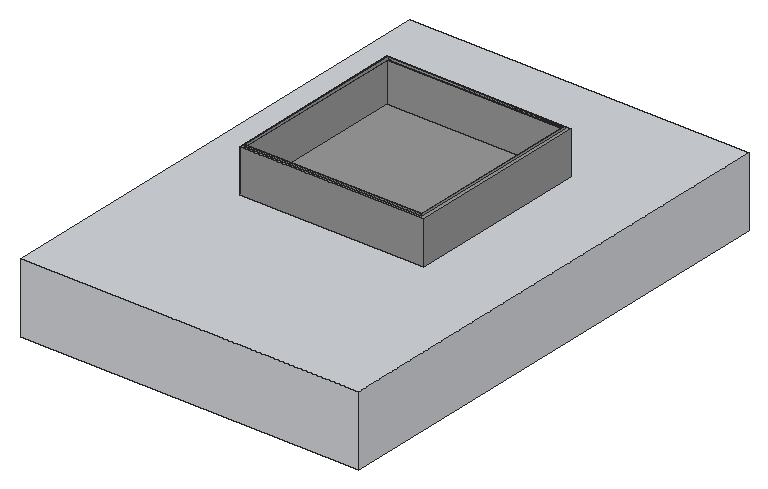
Revit family "Hager-Univers-IP30-D205-H800-Cl.II-Encl-CH-fr", category Equipement électrique, Revit 2020
Family settings
  Hôte = Face
  Configuration du panneau = Deux colonnes, circuits au sein
  Cote de connecteur circulaire = Utiliser le diamètre
  Type d'élément = Tableau de raccordement
  Couper avec des vides une fois chargée = Non
  Partagée = Non
  Point de calcul de pièce = Non
Parameters (values of type "saillie IP30 L800 H800 P205  - FP53Q1S")
  Width Control [instance] = if([EF000008 - largeur] > Min Width, [EF000008 - largeur], Min Width)  # 800 mm
  Commentaires du type = [HG000003 - Gamme]  # "Univers"
  Thickness Door [instance] = if([EF009171 - épaisseur de matériau de la porte/du couvercle] > 3 mm, 3 mm, [EF009171 - épaisseur de matériau de la porte/du couvercle])  # 1 mm
  Seal Frame Offset [instance] = 17 mm  # constant formula
  Plinth Visibility [instance] = [HG000027 - Hauteur du socle] > 0 mm  # no
  Model = ""
  Min Width [instance] = 100 mm  # constant formula
  Min Height [instance] = 100 mm  # constant formula
  Min Depth [instance] = (2 * [EF009170 - épaisseur de matériau du boîtier]) + 1 mm  # 3 mm
  Internal Frame Depth [instance] = (Door System Depth * 0.5)  # 9 mm
  Height Control [instance] = if([EF000040 - hauteur] > Min Height, [EF000040 - hauteur], Min Height)  # 800 mm
  HG000027 - Hauteur du socle = 0 mm
  HG000026 - Installation au sol = no
  HG000024 - Hauteur de la section basse = 800 mm
  HG000023 - Armoire double section = no
  HG000016 - Visibilité de la porte 3D [instance] = yes
  HG000015 - Visibilité de l'emprise de la porte [instance] = no
  HG000014 - Porte à droite [instance] = yes
  HG000013 - Porte à gauche [instance] = not([HG000014 - Porte à droite])  # no
  HG000012 - Angle de pivotement de la porte [instance] = 30.00°
  HG000010 - Portes asymétriques = no
  HG000009 - Porte à double battant = no
  HG000006 - Encastré = no
  HG000004 - Référence fabricant = "FP53Q1S"
  HG000003 - Gamme = "Univers"
  HG000002 - avec porte = no
  Frame Offset Bottom [instance] = 10 mm  # constant formula
  Frame Offset [instance] = 15 mm  # constant formula
  EF015940 - couvercle avec décharge de pression = no
  EF011959 - degré de protection (NEMA) = ""
  EF009554 - nombre d'ouvertures pour plaques à bride = 6
  Fabricant = "Hager"  # constant formula
  EF009212 - finition du couvercle = "EV009916 - avec échancrure"
  EF009171 - épaisseur de matériau de la porte/du couvercle = 1 mm
  EF009170 - épaisseur de matériau du boîtier = 1 mm
  EF008873 - courant nominal (In) = 250 A
  EF007800 - adapté à un parafoudre = no
  EF006306 - avec serrure = no
  EF006244 - couvercle/porte transparent(e) = no
  EF005474 - indice de protection (IP) = "EV006410 - IP30"
  EF004464 - type de porte = "EV000494 - sans"
  EF004427 - nombre de modules = 180
  EF004293 - indice de protection contre les chocs (IK) = "EV006813 - IK07"
  EF003532 - convient pour utilisation à l’extérieur = no
  EF002950 - largeur en nombre de modules = 36
  EF001613 - maintien de fonction = "EV000494 - sans"
  EF001596 - matériau du boîtier/corps = "EV000179 - acier"
  EF001131 - profondeur intérieure = 130 mm
  EF001088 - possibilité de montage en saillie = yes
  EF000437 - nombre d'entrées de conduit = 6
  EF000339 - type de capot = "EV000494 - sans"
  EF000266 - nombre de rangées = 5
  EF000218 - profondeur d'encastrement = 0 mm
  EF000118 - avec cadre/support de montage = no
  EF000116 - numéro RAL = "9010"
  EF000049 - profondeur = 205 mm
  EF000040 - hauteur = 800 mm
  EF000008 - largeur = 800 mm
  EF000007 - couleur = "EV000202 - blanc"
  EF000003 - mode de pose = "EV000384 - saillie"
  Door System Leaf Tolerance [instance] = 1.5 mm  # constant formula
  Door System Depth [instance] = 18 mm  # constant formula
  Door Height [instance] = Height Control - [HG000027 - Hauteur du socle]  # 800 mm
  Depth Control [instance] = if([EF000049 - profondeur] > Min Depth, [EF000049 - profondeur], Min Depth)  # 205 mm
  Default Elevation = 0 mm
  Connector Offset [instance] = Height Control / 2  # 400 mm
  Bottom Top Plate Trim [instance] = 1.5 mm  # constant formula
  Plinth height Ctrl [instance] = if([HG000027 - Hauteur du socle] > 0 mm, [HG000027 - Hauteur du socle], 12 mm)  # 12 mm
Types (5, lengths in mm): name | Width Control | HG000004 - Référence fabricant | EF009554 - nombre d'ouvertures pour plaques à bride | EF004427 - nombre de modules | EF002950 - largeur en nombre de modules | EF000437 - nombre d'entrées de conduit | EF000008 - largeur
  saillie IP30 L1050 H800 P205  - FP54Q1S | 1050 | "FP54Q1S" | 8 | 240 | 48 | 8 | 1050
  saillie IP30 L1300 H800 P205  - FP55Q1S | 1300 | "FP55Q1S" | 10 | 300 | 60 | 10 | 1300
  saillie IP30 L300 H800 P205  - FP51Q1S | 300 | "FP51Q1S" | 2 | 60 | 12 | 2 | 300
  saillie IP30 L550 H800 P205  - FP52Q1S | 550 | "FP52Q1S" | 4 | 120 | 24 | 4 | 550
  saillie IP30 L800 H800 P205  - FP53Q1S | 800 | "FP53Q1S" | 6 | 180 | 36 | 6 | 800
Reference planes
  plane 1 "Center (Front/Back)": y = 0
  plane 2: z = 0
  plane 3 "Center (Left/Right)": x = 0
  plane 4: z = 205
  plane 5: y = 1
  plane 6: y = 400
  plane 7: y = 0
  plane 8: y = 800
  plane 9: z = 0
  plane 10: x = -385
  plane 11: x = 385
  plane 12: x = 384
  plane 13: x = -384
  plane 14: y = 799
  plane 15: x = -383
  plane 16: x = -400
  plane 17: x = 383
  plane 18: x = 400
  plane 19: x = 399
  plane 20: x = -399
  plane 21: y = 11
  plane 22: y = 800
  plane 23: y = 784
  plane 24: z = 187
  plane 25: z = 1
  plane 26: z = 186
  plane 27: z = 204
Forms (mm)
  Extrusion 1, solid
    sketch origin (0, 0, 0) x (1, 0, 0) y (0, 1, 0)
      loop
        line (-702.964, 1305) -> (-702.964, -811.445) -> (766.763, -811.445) -> (766.763, 1305) -> (-702.964, 1305)
    from 0 to -304.8
  Extrusion 2, solid, material "Hager_Steel_RAL7035_Light_Grey", visible <- "Plinth Visibility", detail levels medium+fine
    sketch origin (0, 0, 0) x (1, 0, 0) y (0, 1, 0)
      loop
        line (-400, 0) -> (400, 0) -> (400, 12) -> (-400, 12) -> (-400, 0)
    from 0 to 187
  Extrusion 3, solid, material "Hager_Steel_RAL7035_Light_Grey", detail levels medium+fine
    sketch origin (0, 0, 0) x (1, 0, 0) y (0, 1, 0)
      loop
        line (-400, 0) -> (400, 0) -> (400, 800) -> (-400, 800) -> (-400, 0)
    from 0 to 187
  Extrusion 4, void
    sketch origin (0, 0, 0) x (1, 0, 0) y (0, 1, 0)
      loop
        line (-399, 1) -> (399, 1) -> (399, 799) -> (-399, 799) -> (-399, 1)
    from 1 to 186
  Extrusion 5, void
    sketch origin (-381.607, -4572, 187) x (0, -1, 0) y (-1, 0, 0)
      loop
        line (-4583, 2.393) -> (-5356, 2.393) -> (-5356, -765.607) -> (-4583, -765.607) -> (-4583, 2.393)
    from 0 to 1 <- "EF009170 - épaisseur de matériau du boîtier"
  Extrusion 6, solid, material "Hager_Steel_RAL7035_Light_Grey", detail levels fine
    sketch origin (0, 0, 187) x (1, 0, 0) y (0, 1, 0)
      loop
        line (-384, 784) -> (-384, 11) -> (384, 11) -> (384, 784) -> (-384, 784)
      loop
        line (-385, 10) -> (385, 10) -> (385, 785) -> (-385, 785) -> (-385, 10)
    from 0 to 9 <- "Internal Frame Depth"
  Extrusion 7, solid, material "Hager_Steel_RAL7035_Light_Grey", detail levels coarse
    sketch origin (0, 0, 0) x (1, 0, 0) y (0, 1, 0)
      loop
        line (-400, 0) -> (400, 0) -> (400, 800) -> (-400, 800) -> (-400, 0)
    from 0 to 205
  Sweep 8, void
    path in 3D
      loop
        line (-400, 12, 0) -> (400, 12, 0) -> (400, 12, 187) -> (-400, 12, 187) -> (-400, 12, 0)
    profile origin (-400, 12, 93.5) x (-1, 0, 0) y (0, -1, 0)
      loop
        line (0, 0) -> (0, 1.5) -> (-1.5, 1.5)
        arc (-1.5, 1.5) -> (-1.061, 0.439) -> (0, 0) r 1.5
Cuts and joins
  Extrusion 4, Extrusion 5 cuts Extrusion 3
  Sweep 8 cuts Extrusion 2
Lines and regions (mm)
  Masking region 1
    outline origin (0, 0, 0) x (1, 0, 0) y (0, 0, 1)
      loop
        line (-400, 205) -> (-400, 0) -> (400, 0) -> (400, 205) -> (-400, 205)
  Masking region 2, detail levels medium+fine
    outline origin (0, 140, 0) x (0, 1, 0) y (0, 0, 1)
      loop
        line (-140, 0) -> (660, 0) -> (660, 187) -> (-140, 187) -> (-140, 0)
  Masking region 3, not visible, detail levels medium+fine
    outline origin (0, 297.922, 0) x (0, 1, 0) y (0, 0, 1)
      loop
        line (113.578, 0) -> (153.578, 0) -> (153.578, 194)
        arc (153.578, 194) -> (150.649, 201.071) -> (143.578, 204) r 10
        line (143.578, 204) -> (113.578, 204) -> (113.578, 0)
  Masking region 4, detail levels coarse
    outline origin (0, 0, 180) x (0, 1, 0) y (0, 0, 1)
      loop
        line (0, -180) -> (800, -180) -> (800, 25) -> (0, 25) -> (0, -180)
  Masking region 5, visible <- "Plinth Visibility", detail levels medium+fine
    outline origin (0, 52.24, 12.345) x (0, 0, -1) y (0, 1, 0)
      loop
        line (10.845, -40.24) -> (-173.155, -40.24)
        arc (-173.155, -40.24) -> (-173.594, -41.301) -> (-174.655, -41.74) r 1.5
        line (-174.655, -41.74) -> (-174.655, -52.24) -> (12.345, -52.24) -> (12.345, -41.74)
        arc (12.345, -41.74) -> (11.285, -41.301) -> (10.845, -40.24) r 1.5
  Masking region 6, detail levels medium+fine
    outline origin (-381.607, -4572, 187) x (-1, 0, 0) y (0, -1, 0)
      loop
        line (18.393, -5372) -> (18.393, -4572) -> (-781.607, -4572) -> (-781.607, -5372) -> (18.393, -5372)
  Masking region 7, visible <- "Plinth Visibility", detail levels medium+fine
    outline origin (-381.607, -4727, 187) x (-1, 0, 0) y (0, -1, 0)
      loop
        arc (16.893, -4739) -> (17.332, -4737.939) -> (18.393, -4737.5) r 1.5
        line (18.393, -4737.5) -> (18.393, -4727) -> (-781.607, -4727) -> (-781.607, -4737.5)
        arc (-781.607, -4737.5) -> (-780.546, -4737.939) -> (-780.107, -4739) r 1.5
        line (-780.107, -4739) -> (16.893, -4739)
  Masking region 8, detail levels coarse
    outline origin (-442.548, -4669.526, 187) x (-1, 0, 0) y (0, -1, 0)
      loop
        line (-42.548, -5469.526) -> (-42.548, -4669.526) -> (-842.548, -4669.526) -> (-842.548, -5469.526) -> (-42.548, -5469.526)
  sketch lines
    curve 1: line (-400, 12, 187) -> (-400, 12, 0)
    curve 2: line (400, 12, 187) -> (-400, 12, 187)
    curve 3: line (400, 12, 187) -> (400, 12, 0)
    curve 4: line (-400, 12, 0) -> (400, 12, 0)
Dimensions and locks
  "Depth Control": plane 4 to Extrusion 1
  "HG000027 - Hauteur du socle": plane 1 "Center (Front/Back)" to plane 7
  "EF009170 - épaisseur de matériau du boîtier": plane 5 to plane 7
  locked: connector elem to plane 3 "Center (Left/Right)"
  equal spacing: plane 8, plane 6, plane 7
  locked: connector elem to plane 6
  "EF009170 - épaisseur de matériau du boîtier": plane 8 to plane 14
  "EF009170 - épaisseur de matériau du boîtier": plane 10 to plane 13
  "EF009170 - épaisseur de matériau du boîtier": plane 12 to plane 11
  "Frame Offset": plane 20 to plane 13
  "Frame Offset": plane 12 to plane 19
  "EF009170 - épaisseur de matériau du boîtier": plane 16 to plane 20
  "EF009170 - épaisseur de matériau du boîtier": plane 19 to plane 18
  "Seal Frame Offset": plane 16 to plane 15
  "Seal Frame Offset": plane 17 to plane 18
  "Frame Offset Bottom": plane 21 to plane 5
  "Frame Offset": plane 14 to plane 23
  equal spacing: plane 16, plane 3 "Center (Left/Right)", plane 18
  "Width Control": plane 16 to plane 18
  "EF009170 - épaisseur de matériau du boîtier": plane 4 to plane 27
  "EF009170 - épaisseur de matériau du boîtier": plane 24 to plane 26
  "EF009170 - épaisseur de matériau du boîtier": plane 25 to level
  "Door System Depth": plane 4 to plane 24
  "Height Control": plane 1 "Center (Front/Back)" to Extrusion 7 sketch curve
  "Height Control": Masking region 4 sketch curve to plane 1 "Center (Front/Back)"
  "Height Control": plane 1 "Center (Front/Back)" to plane 22
  "Bottom Top Plate Trim": profile plane to Sweep 8 sketch curve
  "Bottom Top Plate Trim": Sweep 8 sketch curve to profile plane
  "Plinth height Ctrl": plane 1 "Center (Front/Back)" to Extrusion 2 sketch curve
  "Plinth height Ctrl": Masking region 5 sketch curve to plane 1 "Center (Front/Back)"
  "Plinth height Ctrl": plane 1 "Center (Front/Back)" to Masking region 7 sketch curve
  "Thickness Door": Extrusion 6 sketch curve to Extrusion 6 sketch curve  (x3)
  "Thickness Door": cut or joined group of Extrusion 3, Extrusion 4, Extrusion 5 to Extrusion 6 sketch curve
  radius of Masking region 3 sketch curve = 10 mm
  "Bottom Top Plate Trim": radius of Masking region 5 sketch curve  (x2)
  "Bottom Top Plate Trim": radius of Sweep 8 sketch curve
  "Bottom Top Plate Trim": radius of Masking region 7 sketch curve  (x2)
  aligned and locked: plane 2 to Extrusion 1
  aligned and locked: level to Extrusion 1
  aligned and locked: level to Masking region 1 sketch curve
  aligned and locked: Masking region 1 sketch curve to plane 18
  aligned and locked: Masking region 1 sketch curve to plane 16
  aligned and locked: plane 7 to Masking region 2 sketch curve
  aligned and locked: level to Masking region 3 sketch curve
  aligned and locked: Masking region 3 sketch curve to plane 27
  aligned and locked: level to Masking region 2 sketch curve
  aligned and locked: plane 1 "Center (Front/Back)" to Extrusion 2 sketch curve
  aligned and locked: Extrusion 3 sketch curve to plane 7
  aligned and locked: plane 16 to Extrusion 3 sketch curve
  aligned and locked: plane 18 to Extrusion 3 sketch curve
  aligned and locked: plane 20 to Extrusion 4 sketch curve
  aligned and locked: plane 19 to Extrusion 4 sketch curve
  aligned and locked: Extrusion 4 sketch curve to plane 5
  aligned and locked: Extrusion 4 to plane 25
  aligned and locked: plane 26 to Extrusion 4
  aligned and locked: plane 24 to Extrusion 3
  aligned and locked: Extrusion 5 sketch curve to plane 21
  aligned and locked: Extrusion 5 sketch curve to plane 13
  aligned and locked: Extrusion 5 sketch curve to plane 12
  aligned and locked: plane 18 to Extrusion 7 sketch curve
  aligned and locked: plane 1 "Center (Front/Back)" to Extrusion 7 sketch curve
  aligned and locked: plane 16 to Extrusion 7 sketch curve
  aligned and locked: plane 4 to Extrusion 7
  aligned and locked: Extrusion 7 to level
  aligned and locked: level to Masking region 4 sketch curve
  aligned and locked: Masking region 4 sketch curve to plane 1 "Center (Front/Back)"
  aligned and locked: Masking region 4 sketch curve to plane 4
  aligned and locked: nested 1 to level
  aligned and locked: nested 1 to plane 16
  aligned and locked: plane 8 to Extrusion 3 sketch curve
  aligned and locked: plane 23 to Extrusion 5 sketch curve
  aligned and locked: plane 14 to Extrusion 4 sketch curve
  aligned and locked: Masking region 2 sketch curve to plane 8
  aligned and locked: level to Masking region 5 sketch curve
  aligned and locked: plane 16 to Extrusion 2 sketch curve
  aligned and locked: plane 18 to Extrusion 2 sketch curve
  aligned and locked: Masking region 5 sketch curve to plane 24
  aligned and locked: Masking region 2 sketch curve to plane 24
  aligned and locked: plane 24 to Extrusion 2
  aligned and locked: profile plane to Sweep 8 sketch curve  (x2)
  aligned and locked: Masking region 6 sketch curve to plane 18
  aligned and locked: Masking region 6 sketch curve to plane 22
  aligned and locked: Masking region 6 sketch curve to plane 16
  aligned and locked: plane 8 to plane 22
  aligned and locked: Masking region 6 sketch curve to plane 7
  aligned and locked: Masking region 7 sketch curve to plane 16
  aligned and locked: Masking region 7 sketch curve to plane 1 "Center (Front/Back)"
  aligned and locked: Masking region 7 sketch curve to plane 18
  aligned and locked: Masking region 8 sketch curve to plane 1 "Center (Front/Back)"
  aligned and locked: Masking region 8 sketch curve to plane 18
  aligned and locked: Masking region 8 sketch curve to plane 22
  aligned and locked: Masking region 8 sketch curve to plane 16
  aligned and locked: nested 2 to plane 7
  aligned and locked: plane 3 "Center (Left/Right)" to nested 2
  aligned and locked: nested 2 to plane 24
  aligned and locked: Extrusion 6 sketch curve to cut or joined group of Extrusion 3, Extrusion 4, Extrusion 5  (x4)
Automatic sketch dimensions
  Extrusion 1 sketch curve to Extrusion 1 sketch curve = 1469.727 mm
  Extrusion 1 sketch curve to Extrusion 1 sketch curve = 2116.445 mm
  Masking region 1 sketch curve to plane 4 = 0 mm
  plane 6 to Masking region 3 sketch curve = 11.5 mm
  Masking region 3 sketch curve to Masking region 3 sketch curve = 30 mm
  Masking region 5 sketch curve to plane 1 "Center (Front/Back)" = 0 mm
Nested families
  nested 1: "Hager_Enclosure_Symbol" at (-400, 0, 0) x (1, 0, 0) z (0, -1, 0), Height <- "Depth Control", Width <- "Width Control", type "Hager_Enclosure_Symbol"
    with Width_Ctrl 800 mm, Width 800 mm, Height_Ctrl 205 mm, Height 205 mm, A_Width_Int 13.453 mm, A_Width 161.438 mm, A_Height_Ctrl 179.375 mm, A_Height 179.375 mm
  nested 2: "EC000058_Univers_Door" at (0, 0, 187) x (1, 0, 0) z (0, 1, 0), Leaf_Tolerance <- "Door System Leaf Tolerance", Angle <- "HG000012 - Angle de pivotement de la porte", Door_Depth <- "Door System Depth", Door_Left <- "HG000013 - Porte à gauche", Transparent <- "EF006244 - couvercle/porte transparent(e)", Assymetrical <- "HG000010 - Portes asymétriques", Width <- "Width Control", Clearance <- "HG000015 - Visibilité de l'emprise de la porte", Double <- "HG000009 - Porte à double battant", 3d_Door <- "HG000016 - Visibilité de la porte 3D", Lock_Visibility <- "EF006306 - avec serrure", Width_Ctrl <- "Width Control", Door_Right <- "HG000014 - Porte à droite", Door <- "HG000002 - avec porte", Height <- "Door Height", Thickness <- "Thickness Door", type "EC000058_Univers_Door", detail levels medium+fine
    with min_wh 3 mm, Width_Ctrl 800 mm, Width 800 mm, Transparent no, Thickness 1 mm, Seal_Material Hager_Rubber, Lock_Visibility no, Lock_Material Hager_Plastic_RAL9005_Jet_Black, Leaf_Width 800 mm, Leaf_Tolerance_External_Sides 0 mm, Leaf_Tolerance 1.5 mm, Leaf_Offset 0 mm, Leaf_Height 797 mm, Leaf_2_Width 800 mm, Leaf_2_Offset 400 mm, Leaf_1_Width 800 mm, Leaf_1_Offset 400 mm, Height_Ctrl 800 mm, Height 800 mm, Glass_Material Hager_Glass, Double_Clearance_Ctrl no, Double no, Door_Right_Ctrl no, Door_Right yes, Door_Material Hager_Steel_RAL7035_Light_Grey, Door_Left_Ctrl no, Door_Left no, Door_Depth 18 mm, Door no, Clearance_Material Hager_Clearance, Clearance_Depth 800 mm, Clearance_Ctrl no, Clearance no, Assymetrical no, Angle 30.00°, 3d_Door yes
Connectors
  electrical at (0, 400, 0)
    settings: on plane 9, index 1, voltage 0 V, apparent load 0 VA, apparent load phase1 0 VA, apparent load phase2 0 VA, apparent load phase3 0 VA, power factor 1, load classification "Other", number of poles 1, system type 30, power factor state 1, is connector primary yes, connector utility no, sub classification motor no, connector description ""
Definition of nested family "Hager_Enclosure_Symbol"
  Parameters (values of type "Hager_Enclosure_Symbol")
    Width_Ctrl [instance] = if(Width > 1 mm, Width, 1 mm)  # 102.27 mm
    Width [instance] = 102.27 mm
    Height_Ctrl [instance] = if(Height > 1 mm, Height, 1 mm)  # 66.5 mm
    A_Width_Int [instance] = if(A_Width / 12 > 2 mm, A_Width / 12, 2 mm)  # 4.364 mm
    A_Width [instance] = if(A_Height_Ctrl * 0.9 > 2 mm, A_Height_Ctrl * 0.9, 2 mm)  # 52.369 mm
    A_Height_Ctrl [instance] = if(A_Height > 2 mm, A_Height, 2 mm)  # 58.188 mm
    Height [instance] = 66.5 mm
    A_Height [instance] = Height - (Height / 8)  # 58.188 mm
  Reference planes
    plane 1 "Centre (avant/arrière)": y = 0
    plane 2: z = 0
    plane 3 "Centre (gauche/droite)": x = 0
    plane 4: x = 52.369
    plane 5: y = 33.042
    plane 6: y = 41.77
    plane 7: y = 66.5
    plane 8: x = 26.184
    plane 9: y = 37.406
    plane 10: x = 102.27
    plane 11: y = 66.5
    plane 12: y = 8.313
  Lines and regions (mm)
    Filled region 1, type "Solid_Black", in view "Niveau de réf."
      outline origin (0, 0, 0) x (1, 0, 0) y (0, 1, 0)
        loop
          line (52.369, 66.5) -> (33.188, 54.536) -> (45.365, 45.006) -> (52.369, 66.5)
    Filled region 2, type "Solid_Black", in view "Niveau de réf."
      outline origin (0, 0, 0) x (1, 0, 0) y (0, 1, 0)
        loop
          line (0, 0) -> (102.27, 0) -> (102.27, 66.5) -> (0, 0)
    detail lines, in view "Niveau de réf."
      curve 1: line (0, 8.313, 0) -> (26.184, 41.77, 0)
      curve 2: line (26.184, 41.77, 0) -> (26.184, 33.042, 0)
      curve 3: line (26.184, 33.042, 0) -> (52.369, 66.5, 0)
  Dimensions and locks
    "A_Width": plane 3 "Centre (gauche/droite)" to plane 4
    equal spacing: plane 3 "Centre (gauche/droite)", plane 8, plane 4
    equal spacing: plane 6, plane 9, plane 5
    equal spacing: curve 3, Filled region 1 sketch curve, Filled region 1 sketch curve
    "Height_Ctrl": plane 1 "Centre (avant/arrière)" to plane 11
    "A_Height_Ctrl": plane 11 to plane 12
    equal spacing: plane 11, plane 9, plane 12
    "A_Width_Int": plane 6 to plane 9
    "Width_Ctrl": plane 3 "Centre (gauche/droite)" to plane 10
    angle Filled region 1 sketch curve to curve 3 = 20.00°
    angle curve 3 to Filled region 1 sketch curve = 20.00°
    locked: curve 3 to Filled region 1 sketch curve (angle 90.00°)
    aligned and locked: plane 10 to Filled region 2
    aligned and locked: plane 11 to Filled region 2 sketch curve
    aligned and locked: plane 10 to Filled region 2 sketch curve
    aligned and locked: plane 3 "Centre (gauche/droite)" to curve 1
    aligned and locked: plane 12 to curve 1
    aligned and locked: plane 7 to plane 11
  Automatic sketch dimensions
    Filled region 1 sketch curve to plane 4 = 0 mm
    Filled region 1 sketch curve to plane 7 = 0 mm
    plane 1 "Centre (avant/arrière)" to Filled region 2 sketch curve = 0 mm
    Filled region 2 sketch curve to plane 3 "Centre (gauche/droite)" = 0 mm
    curve 2 to plane 6 = 0 mm
    curve 2 to plane 8 = 0 mm
    curve 3 to plane 4 = 0 mm
    curve 2 to plane 5 = 0 mm
    curve 3 to plane 7 = 0 mm
Definition of nested family "EC000058_Univers_Door"
  Parameters (values of type "EC000058_Univers_Door")
    min_wh [instance] = (2 * Thickness) + 1 mm  # 11 mm
    Width_Ctrl [instance] = 400 mm
    Width [instance] = 500 mm
    Transparent [instance] = yes
    Thickness [instance] = 5 mm
    Seal_Material [instance] = none
    Lock_Visibility [instance] = yes
    Lock_Material [instance] = none
    Leaf_Width [instance] = if((Width_Ctrl - 2 * Leaf_Tolerance_External_Sides) > 0 mm, (Width_Ctrl - 2 * Leaf_Tolerance_External_Sides), min_wh)  # 400 mm
    Leaf_Tolerance_External_Sides [instance] = 0 mm  # constant formula
    Leaf_Tolerance [instance] = 1.5 mm
    Leaf_Offset [instance] = 0 mm  # constant formula
    Leaf_Height [instance] = if((Height_Ctrl - 2 * Leaf_Tolerance) > 0 mm, (Height_Ctrl - 2 * Leaf_Tolerance), min_wh)  # 497 mm
    Leaf_2_Width [instance] = if(and(and(Double, Assymetrical), Door_Left), (Leaf_Width / 3) - (Leaf_Tolerance / 2), if(and(and(Double, Assymetrical), Door_Right), (Leaf_Width / 3) * 2 - (Leaf_Tolerance / 2), if(and(Double, not(Assymetrical)), (Leaf_Width / 2) - Leaf_Tolerance, Leaf_Width)))  # 400 mm
    Leaf_2_Offset [instance] = if(and(Double, Assymetrical), Leaf_2_Width / 2, if(and(Double, not(Assymetrical)), Leaf_Width / 4, Leaf_Width / 2))  # 200 mm
    Leaf_1_Width [instance] = if(and(and(Double, Assymetrical), Door_Right), (Leaf_Width / 3) - (Leaf_Tolerance / 2), if(and(and(Double, Assymetrical), Door_Left), (Width / 3) * 2 - (Leaf_Tolerance / 2), if(and(Double, not(Assymetrical)), (Leaf_Width / 2) - Leaf_Tolerance, Leaf_Width)))  # 400 mm
    Leaf_1_Offset [instance] = if(and(Double, Assymetrical), Leaf_1_Width / 2, if(and(Double, not(Assymetrical)), Leaf_Width / 4, Leaf_Width / 2))  # 200 mm
    Height_Ctrl [instance] = if(Height > min_wh, Height, min_wh)  # 500 mm
    Height [instance] = 500 mm
    Glass_Material [instance] = none
    Double_Clearance_Ctrl [instance] = and(Double, Clearance)  # no
    Double [instance] = no
    Door_Right_Ctrl [instance] = and(or(Door_Right, Double), Door)  # yes
    Door_Right [instance] = yes
    Door_Material [instance] = none
    Door_Left_Ctrl [instance] = and(or(Door_Left, Double), Door)  # no
    Door_Left [instance] = no
    Door_Depth [instance] = 30 mm
    Door [instance] = yes
    Default Elevation = 1219.2 mm
    Clearance_Material [instance] = none
    Clearance_Depth [instance] = if(Leaf_1_Width > Leaf_2_Width, Leaf_1_Width, Leaf_2_Width)  # 400 mm
    Clearance_Ctrl [instance] = and(not(Double), Clearance)  # yes
    Clearance [instance] = yes
    Assymetrical [instance] = yes
    Angle [instance] = 30.00°
    3d_Door [instance] = yes
  Reference planes
    plane 1 "Center (Front/Back)": y = 0
    plane 2 "Bottom": z = 0
    plane 3 "Center (Left/Right)": x = 0
    plane 4: z = 500
    plane 5: x = -200
    plane 6: x = 200
    plane 7: z = 500
    plane 8: x = -200
    plane 9: z = 0
    plane 10: x = 200
    plane 11: y = 0
    plane 12: z = 1.5
    plane 13: x = -600
    plane 14: y = -400
    plane 15: x = 600
    plane 16: x = 0
    plane 17: x = 0
    plane 18: x = -200
    plane 19: x = 200
    plane 20: z = 498.5
  Forms (mm)
    Extrusion 1, solid, material <- "Clearance_Material", visible <- "Double_Clearance_Ctrl"
      sketch origin (1200, 0, 0) x (1, 0, 0) y (0, 0, -1)
        loop
          line (-1800, -498.5) -> (-600, -498.5) -> (-600, 0) -> (-1800, 0) -> (-1800, -498.5)
      from 0 to -400
  Dimensions and locks
    equal spacing: plane 5, plane 3 "Center (Left/Right)", plane 6
    "Width_Ctrl": plane 5 to plane 6
    "Leaf_Offset": plane 5 to plane 8
    "Leaf_Offset": plane 6 to plane 10
    "Leaf_Offset": plane 9 to level
    "Leaf_Offset": plane 4 to plane 7
    "Height_Ctrl": plane 4 to level
    "Leaf_Tolerance": plane 12 to plane 9
    locked: plane 11 to plane 1 "Center (Front/Back)"
    "Leaf_1_Offset": plane 18 to plane 16
    "Leaf_2_Offset": plane 17 to plane 19
    "Leaf_1_Width": plane 13 to plane 8
    "Leaf_2_Width": plane 10 to plane 15
    "Clearance_Depth": plane 14 to plane 1 "Center (Front/Back)"
    "Leaf_Tolerance_External_Sides": plane 8 to plane 18
    "Leaf_Tolerance_External_Sides": plane 19 to plane 10
    "Leaf_Tolerance": plane 7 to plane 20
    aligned and locked: level to plane 2 "Bottom"
    aligned and locked: nested 1 to plane 16
    aligned and locked: nested 2 to plane 17
    aligned and locked: Extrusion 1 to plane 13
    aligned and locked: plane 15 to Extrusion 1
    aligned and locked: Extrusion 1 to plane 14
    aligned and locked: plane 12 to nested 1
    aligned and locked: nested 2 to plane 12
    aligned and locked: Extrusion 1 to plane 11
    aligned and locked: plane 20 to Extrusion 1
    aligned and locked: nested 2 to plane 11
    aligned and locked: nested 1 to plane 11
  Automatic sketch dimensions
    Extrusion 1 sketch curve to level = 0 mm
    plane 5 to Extrusion 1 sketch curve = 400 mm
    plane 6 to Extrusion 1 sketch curve = 400 mm
    Extrusion 1 sketch curve to plane 4 = 1.5 mm
  Nested families
    nested 1: "EC000058_Univers_Door_Leaf" at (0, 0, 1.5), Width <- "Leaf_1_Width", visible <- "Door_Left_Ctrl", Leaf_Height <- "Leaf_Height", Angle <- "Angle", 3d_Door <- "3d_Door", Transparent <- "Transparent", Clearance Material <- "Clearance_Material", Clearance <- "Clearance_Ctrl", Door_Material <- "Door_Material", Glass_Material <- "Glass_Material", Door_Depth <- "Door_Depth", Lock_Material <- "Lock_Material", Seal_Material <- "Seal_Material", Lock_Visibility <- "Lock_Visibility", Thickness <- "Thickness", type "EC000058_Univers_Door_Leaf"
      with Width 400 mm, Transparent_Glass_Offset 30 mm, Transparent_Ctrl yes, Transparent yes, Thickness 5 mm, Standard no, Seal_Material none, Seal_D2 8 mm, Seal_D1 1 mm, Offset_Internal_Frame 10 mm, Lock_Width 20 mm, Lock_Visibility_3d yes, Lock_Visibility yes, Lock_Thickness_3 3 mm, Lock_Thickness_2 1 mm, Lock_Thickness_1 3 mm, Lock_Radius_Offset_2 16 mm, Lock_Radius_Offset_1 15 mm, Lock_Radius_2 5 mm, Lock_Radius 6 mm, Lock_Offset 5 mm, Lock_Material none, Lock_Height 80 mm, Lock_Cover_Top_Offset_2d 17 mm, Lock_Cover_Height -65 mm, Leaf_Height 497 mm, Internal_Seal_Thickness 8 mm, Internal_Seal_Depth_2 4.5 mm, Internal_Frame_Depth 25 mm, Glass_Thickness -1 mm, Glass_Offset -2 mm, Glass_Material none, Door_Material none, Door_Depth 30 mm, Clearance Material none, Clearance yes, Angle_Ctrl 30.00°, Angle 30.00°, 3d_Door yes
    nested 2: "EC000058_Univers_Door_Leaf" at (0, 0, 1.5) x (-1, 0, 0) z (0, 0, 1), Width <- "Leaf_2_Width", visible <- "Door_Right_Ctrl", Leaf_Height <- "Leaf_Height", Angle <- "Angle", 3d_Door <- "3d_Door", Transparent <- "Transparent", Clearance Material <- "Clearance_Material", Clearance <- "Clearance_Ctrl", Door_Material <- "Door_Material", Glass_Material <- "Glass_Material", Door_Depth <- "Door_Depth", Lock_Material <- "Lock_Material", Seal_Material <- "Seal_Material", Lock_Visibility <- "Lock_Visibility", Thickness <- "Thickness", type "EC000058_Univers_Door_Leaf"
      with Width 400 mm, Transparent_Glass_Offset 30 mm, Transparent_Ctrl yes, Transparent yes, Thickness 5 mm, Standard no, Seal_Material none, Seal_D2 8 mm, Seal_D1 1 mm, Offset_Internal_Frame 10 mm, Lock_Width 20 mm, Lock_Visibility_3d yes, Lock_Visibility yes, Lock_Thickness_3 3 mm, Lock_Thickness_2 1 mm, Lock_Thickness_1 3 mm, Lock_Radius_Offset_2 16 mm, Lock_Radius_Offset_1 15 mm, Lock_Radius_2 5 mm, Lock_Radius 6 mm, Lock_Offset 5 mm, Lock_Material none, Lock_Height 80 mm, Lock_Cover_Top_Offset_2d 17 mm, Lock_Cover_Height -65 mm, Leaf_Height 497 mm, Internal_Seal_Thickness 8 mm, Internal_Seal_Depth_2 4.5 mm, Internal_Frame_Depth 25 mm, Glass_Thickness -1 mm, Glass_Offset -2 mm, Glass_Material none, Door_Material none, Door_Depth 30 mm, Clearance Material none, Clearance yes, Angle_Ctrl 30.00°, Angle 30.00°, 3d_Door yes
  Definition of nested family "EC000058_Univers_Door_Leaf"
    Parameters (values of type "EC000058_Univers_Door_Leaf")
      Width [instance] = 2000 mm
      Transparent_Glass_Offset [instance] = 30 mm
      Transparent_Ctrl [instance] = and(Transparent, [3d_Door])  # yes
      Transparent [instance] = yes
      Thickness [instance] = 5 mm
      Standard [instance] = and(not(Transparent), [3d_Door])  # no
      Seal_Material [instance] = none
      Seal_D2 [instance] = 8 mm  # constant formula
      Seal_D1 [instance] = 1 mm  # constant formula
      Offset_Internal_Frame [instance] = 10 mm  # constant formula
      Lock_Width [instance] = 20 mm  # constant formula
      Lock_Visibility_3d [instance] = and(Lock_Visibility, [3d_Door])  # yes
      Lock_Visibility [instance] = yes
      Lock_Thickness_3 [instance] = 3 mm  # constant formula
      Lock_Thickness_2 [instance] = 1 mm  # constant formula
      Lock_Thickness_1 [instance] = 3 mm  # constant formula
      Lock_Radius_Offset_2 [instance] = Lock_Radius_Offset_1 + 1 mm  # 16 mm
      Lock_Radius_Offset_1 [instance] = 15 mm  # constant formula
      Lock_Radius_2 [instance] = Lock_Radius - 1 mm  # 5 mm
      Lock_Radius [instance] = 6 mm  # constant formula
      Lock_Offset [instance] = 5 mm  # constant formula
      Lock_Material [instance] = none
      Lock_Height [instance] = 80 mm  # constant formula
      Lock_Cover_Top_Offset_2d [instance] = Lock_Radius_Offset_2 + 1 mm  # 17 mm
      Lock_Cover_Height [instance] = -(Lock_Height - Lock_Radius_Offset_1)  # -65 mm
      Leaf_Height [instance] = 2720.336 mm
      Internal_Seal_Thickness [instance] = 8 mm  # constant formula
      Internal_Seal_Depth_2 [instance] = 4.5 mm  # constant formula
      Internal_Frame_Depth [instance] = if(Door_Depth - Thickness > 5 mm, Door_Depth - Thickness, 5 mm)  # 25 mm
      Glass_Thickness [instance] = if(Thickness > 15 mm, Glass_Offset + 10 mm, -1 mm)  # -1 mm
      Glass_Offset [instance] = if(Thickness > 15 mm, -(Thickness + 10 mm) / 2, -2 mm)  # -2 mm
      Glass_Material [instance] = none
      Door_Material [instance] = none
      Door_Depth [instance] = 30 mm
      Default Elevation = 0 mm
      Clearance Material [instance] = none
      Clearance [instance] = yes
      Angle_Ctrl [instance] = if(Angle > 180.00°, 180.00°, Angle)  # 90.00°
      Angle [instance] = 90.00°
      3d_Door [instance] = yes
    Reference planes
      plane 1 "Center (Front/Back)": y = 0
      plane 2: z = 0
      plane 3 "Center (Left/Right)": x = 0
      plane 4: y = 2000
      plane 5: x = -1000
      plane 6: x = 1000
      plane 7: x = -3000
      plane 8: z = 2720.336
      plane 9: z = 30
      plane 10: z = 2690.336
      plane 11: x = 970
      plane 12: x = -970
      plane 13: y = -3
      plane 14: z = 107.833
      plane 15: y = -5
      plane 16: y = -223.314
      plane 17: x = -1000
      plane 18: z = 1360.168
      plane 19: y = 30
    Forms (mm)
      Extrusion 1, solid, material <- "Clearance Material", visible <- "Clearance"
        sketch origin (0, 0, 0) x (1, 0, 0) y (0, 0, 1)
          loop
            line (-3000, 2720.336) -> (-3000, 0) -> (1000, 0) -> (1000, 2720.336) -> (-3000, 2720.336)
        from 0 to -2000
      Extrusion 2, solid, material <- "Door_Material", visible <- "Standard", detail levels medium+fine
        sketch origin (-1000, 0, 0) x (0, 1, 0) y (-1, 0, 0)
          loop
            line (0, 30) -> (0, 25) -> (2000, 25) -> (2000, 30) -> (0, 30)
        from 0 to 2720.336 <- "Leaf_Height"
      Extrusion 3, solid, material <- "Door_Material", visible <- "Transparent_Ctrl", detail levels medium+fine
        sketch origin (-1000, 0, 0) x (0, 1, 0) y (-1, 0, 0)
          loop
            line (0, 25) -> (2000, 25) -> (2000, 30) -> (0, 30) -> (0, 25)
        from 0 to 2720.336 <- "Leaf_Height"
      Extrusion 4, void
        sketch origin (-1025, 2000, 0) x (0, 1, 0) y (0, 0, -1)
          loop
            line (-30, -2690.336) -> (-30, -30) -> (-1970, -30) -> (-1970, -2690.336) -> (-30, -2690.336)
        from 0 to 5 <- "Thickness"
      Sweep 5, solid, material <- "Seal_Material", visible <- "Transparent_Ctrl", detail levels fine
        path in 3D
          loop
            line (-1025, 30, 30) -> (-1025, 30, 2690.336) -> (-1025, 1970, 2690.336) -> (-1025, 1970, 30) -> (-1025, 30, 30)
        profile origin (-1025, 1000, 30) x (1, 0, 0) y (0, 0, 1)
          loop
            line (0, 0) -> (0, -8) -> (1, -8) -> (1, 0) -> (0, 0)
      Extrusion 6, solid, material <- "Glass_Material", visible <- "Transparent_Ctrl", detail levels medium+fine
        sketch origin (-1030, 0, 0) x (0, 1, 0) y (0, 0, -1)
          loop
            line (1970, -2690.336) -> (1970, -30) -> (30, -30) -> (30, -2690.336) -> (1970, -2690.336)
        from -2 <- "Glass_Offset" to -1 <- "Glass_Thickness"
      Extrusion 7, solid, material <- "Door_Material", visible <- "3d_Door", detail levels medium+fine
        sketch origin (-1025, 2000, 0) x (0, -1, 0) y (0, 0, -1)
          loop
            line (0, -2720.336) -> (2000, -2720.336) -> (2000, 0) -> (0, 0) -> (0, -2720.336)
          loop
            line (1995, -5) -> (5, -5) -> (5, -2715.336) -> (1995, -2715.336) -> (1995, -5)
        from 0 to 25 <- "Internal_Frame_Depth"
      Sweep 8, solid, material <- "Seal_Material", visible <- "Transparent_Ctrl", detail levels fine
        path in 3D
          loop
            line (-1025, 0, 0) -> (-1025, 2000, 0) -> (-1025, 2000, 2720.336) -> (-1025, 0, 2720.336) -> (-1025, 0, 0)
        profile origin (-1025, 0, 1360.168) x (1, 0, 0) y (0, 1, 0)
          loop
            line (0, 10) -> (2.975, 10)
            arc (2.975, 10) -> (4.053, 10.447) -> (4.5, 11.525) r 1.525
            line (4.5, 11.525) -> (4.5, 16.527)
            arc (4.5, 16.527) -> (4.069, 17.569) -> (3.027, 18) r 1.473
            line (3.027, 18) -> (0, 18) -> (0, 10)
      Extrusion 9, solid, material <- "Lock_Material", visible <- "Lock_Visibility_3d", detail levels fine
        sketch origin (-1030, 0, 0) x (0, 1, 0) y (0, 0, -1)
          loop
            arc (1993.5, -1400.168) -> (1994.561, -1399.729) -> (1995, -1398.668) r 1.5
            line (1995, -1398.668) -> (1995, -1320.168) -> (1975, -1320.168) -> (1975, -1398.668)
            arc (1975, -1398.668) -> (1975.439, -1399.729) -> (1976.5, -1400.168) r 1.5
            line (1976.5, -1400.168) -> (1993.5, -1400.168)
        from 3 <- "Lock_Thickness_1" to 0
      Blend 10, solid, material <- "Lock_Material", visible <- "Lock_Visibility_3d", detail levels fine
        base sketch origin (-1033, 0, 0) x (0, 1, 0) y (0, 0, -1)
          loop
            line (1975, -1320.168) -> (1975, -1398.668)
            arc (1975, -1398.668) -> (1975.439, -1399.729) -> (1976.5, -1400.168) r 1.5
            line (1976.5, -1400.168) -> (1993.5, -1400.168)
            arc (1993.5, -1400.168) -> (1994.561, -1399.729) -> (1995, -1398.668) r 1.5
            line (1995, -1398.668) -> (1995, -1320.168) -> (1975, -1320.168)
        top sketch origin (-1033, 0, 0) x (0, 1, 0) y (0, 0, -1)
          loop
            line (1976, -1320.168) -> (1976, -1398.668)
            arc (1976, -1398.668) -> (1976.146, -1399.022) -> (1976.5, -1399.168) r 0.5
            line (1976.5, -1399.168) -> (1993.5, -1399.168)
            arc (1993.5, -1399.168) -> (1993.854, -1399.022) -> (1994, -1398.668) r 0.5
            line (1994, -1398.668) -> (1994, -1320.168) -> (1976, -1320.168)
        from 0 to 1 <- "Lock_Thickness_2"
      Blend 11, solid, material <- "Lock_Material", visible <- "Lock_Visibility_3d", detail levels fine
        base sketch origin (-1034, 0, 0) x (0, 1, 0) y (0, 0, -1)
          loop
            line (1978, -1320.168) -> (1978, -1384.168)
            arc (1978, -1384.168) -> (1985, -1391.168) -> (1992, -1384.168) r 7
            line (1992, -1384.168) -> (1992, -1320.168) -> (1978, -1320.168)
        top sketch origin (-1034, 0, 0) x (0, 1, 0) y (0, 0, -1)
          loop
            line (1991, -1320.168) -> (1979, -1320.168) -> (1979, -1383.168)
            arc (1979, -1383.168) -> (1985, -1389.168) -> (1991, -1383.168) r 6
            line (1991, -1383.168) -> (1991, -1320.168)
        from 0 to 3 <- "Lock_Thickness_3"
      Extrusion 12, solid, material <- "Lock_Material", visible <- "Lock_Visibility_3d", detail levels fine
        sketch origin (-1030, 1975, 1320.168) x (1, 0, 0) y (0, -1, 0)
          loop
            line (-7, -19) -> (-7, -1) -> (0, -1) -> (0, 0) -> (-8, 0) -> (-8, -20) -> (0, -20) -> (0, -19) -> (-7, -19)
        from 0 to -65 <- "Lock_Cover_Height"
      Extrusion 13, void
        sketch origin (-1038, 1995, 1320.168) x (-1, 0, 0) y (0, 0, -1)
          loop
            line (-5, -65) -> (0, -65) -> (-5, -60) -> (-5, -65)
        from 0 to 20 <- "Lock_Width"
      Extrusion 14, void
        sketch origin (-1038, 1975, 1320.168) x (0, -1, 0) y (0, 0, -1)
          loop
            circle (-10, -15.995) r 6
          loop
            circle (-10, -15.995) r 5
        from 0 to 2
      Extrusion 15, solid, material <- "Lock_Material", visible <- "Lock_Visibility_3d", detail levels medium
        sketch origin (-1030, 0, 0) x (0, 1, 0) y (0, 0, -1)
          loop
            arc (1993.5, -1400.168) -> (1994.561, -1399.729) -> (1995, -1398.668) r 1.5
            line (1995, -1398.668) -> (1995, -1320.168) -> (1975, -1320.168) -> (1975, -1398.668)
            arc (1975, -1398.668) -> (1975.439, -1399.729) -> (1976.5, -1400.168) r 1.5
            line (1976.5, -1400.168) -> (1993.5, -1400.168)
        from 8 to 0
    Cuts and joins
      Extrusion 4 cuts Extrusion 3
      Extrusion 13, Extrusion 14 cuts Extrusion 9
      Extrusion 14 cuts Blend 11
      Extrusion 13, Extrusion 14 cuts Extrusion 12
      joined: Extrusion 9, Blend 10, Blend 11, Extrusion 12
      Extrusion 14 cuts Extrusion 15
    Lines and regions (mm)
      Masking region 1, visible <- "Lock_Visibility", detail levels fine
        outline origin (0, 0, 0) x (0, 1, 0) y (0, 0, 1)
          loop
            line (30, 1320.168) -> (33, 1320.168) -> (33, 1400.168) -> (30, 1400.168) -> (30, 1320.168)
      Masking region 2, visible <- "Lock_Visibility", detail levels fine
        outline origin (0, 3.143, 0) x (0, 1, 0) y (0, 0, 1)
          loop
            line (29.857, 1354.168) -> (30.857, 1354.168) -> (30.857, 1366.168) -> (29.857, 1366.168) -> (29.857, 1354.168)
      Masking region 3, detail levels medium+fine
        outline origin (0, 0, 0) x (0, 1, 0) y (0, 0, 1)
          loop
            line (0, 0) -> (30, 0) -> (30, 2720.336) -> (0, 2720.336) -> (0, 0)
      Masking region 4, detail levels medium+fine
        outline origin (0, 0, 0) x (1, 0, 0) y (0, 0, 1)
          loop
            line (-1000, 2720.336) -> (-1000, 0) -> (1000, 0) -> (1000, 2720.336) -> (-1000, 2720.336)
      Masking region 5, visible <- "Lock_Visibility", detail levels fine
        outline origin (-47.116, 0, 0) x (1, 0, 0) y (0, 0, 1)
          loop
            arc (1024.616, 1399.168) -> (1023.556, 1398.729) -> (1023.116, 1397.668) r 1.5
            line (1023.116, 1397.668) -> (1023.116, 1320.168) -> (1041.116, 1320.168) -> (1041.116, 1397.668)
            arc (1041.116, 1397.668) -> (1040.677, 1398.729) -> (1039.616, 1399.168) r 1.5
            line (1039.616, 1399.168) -> (1024.616, 1399.168)
      Masking region 6, visible <- "Lock_Visibility", detail levels medium+fine
        outline origin (-25, 0, 0) x (1, 0, 0) y (0, 0, 1)
          loop
            arc (1001.5, 1400.168) -> (1000.439, 1399.729) -> (1000, 1398.668) r 1.5
            line (1000, 1398.668) -> (1000, 1320.168) -> (1020, 1320.168) -> (1020, 1398.668)
            arc (1020, 1398.668) -> (1019.561, 1399.729) -> (1018.5, 1400.168) r 1.5
            line (1018.5, 1400.168) -> (1001.5, 1400.168)
      Masking region 7, visible <- "Lock_Visibility", detail levels fine
        outline origin (-73.735, 0, 0) x (1, 0, 0) y (0, 0, 1)
          loop
            line (1051.735, 1382.168) -> (1065.735, 1382.168) -> (1065.735, 1384.168)
            arc (1065.735, 1384.168) -> (1058.735, 1391.168) -> (1051.735, 1384.168) r 7
            line (1051.735, 1384.168) -> (1051.735, 1382.168)
      Masking region 8, visible <- "Lock_Visibility", detail levels fine
        outline origin (-73.735, 0, 0) x (1, 0, 0) y (0, 0, 1)
          loop
            line (1052.735, 1382.168) -> (1064.735, 1382.168) -> (1064.735, 1383.168)
            arc (1064.735, 1383.168) -> (1058.735, 1389.168) -> (1052.735, 1383.168) r 6
            line (1052.735, 1383.168) -> (1052.735, 1382.168)
      Masking region 9, visible <- "Lock_Visibility", detail levels fine
        outline origin (-25, 0, 0) x (1, 0, 0) y (0, 0, 1)
          loop
            line (1020, 1320.168) -> (1020, 1382.168) -> (1000, 1382.168) -> (1000, 1320.168) -> (1020, 1320.168)
      Masking region 10, detail levels medium+fine
        outline origin (0, 0, 0) x (1, 0, 0) y (0, 0, 1)
          loop
            circle (985, 1335.144) r 6
      Masking region 11, detail levels fine
        outline origin (0, 0, 0) x (1, 0, 0) y (0, 0, 1)
          loop
            circle (985, 1335.144) r 5
      Masking region 12, visible <- "Lock_Visibility", detail levels fine
        outline origin (0, 12.767, 0) x (0, 1, 0) y (0, 0, 1)
          loop
            line (20.233, 1320.168) -> (21.233, 1320.168) -> (21.233, 1399.168) -> (20.233, 1400.168) -> (20.233, 1320.168)
      Masking region 13, visible <- "Lock_Visibility", detail levels fine
        outline origin (0, 13.767, -10) x (0, 1, 0) y (0, 0, 1)
          loop
            line (20.233, 1330.168) -> (23.233, 1330.168) -> (23.233, 1399.168) -> (20.233, 1402.168) -> (20.233, 1330.168)
      Masking region 14, visible <- "Lock_Visibility", detail levels fine
        outline origin (0, 12.767, -10) x (0, 1, 0) y (0, 0, 1)
          loop
            line (20.233, 1330.168) -> (25.233, 1330.168) -> (25.233, 1399.305) -> (20.233, 1394.305) -> (20.233, 1330.168)
      Masking region 15, visible <- "Lock_Visibility", detail levels medium
        outline origin (0, 0, 0) x (0, 1, 0) y (0, 0, 1)
          loop
            line (30, 1320.168) -> (38, 1320.168) -> (38, 1400.168) -> (30, 1400.168) -> (30, 1320.168)
      Masking region 16, visible <- "Lock_Visibility", detail levels fine
        outline origin (-1000, 0, 0) x (0, 1, 0) y (-1, 0, 0)
          loop
            line (1975, 30) -> (1995, 30) -> (1995, 38) -> (1975, 38) -> (1975, 30)
          loop
            line (1979, 37) -> (1976, 37) -> (1976, 34) -> (1978, 34) -> (1979, 37)
          loop
            line (1994, 37) -> (1991, 37) -> (1992, 34) -> (1994, 34) -> (1994, 37)
      Masking region 17, visible <- "Lock_Visibility", detail levels medium
        outline origin (-1000, 0, 0) x (0, 1, 0) y (-1, 0, 0)
          loop
            line (1975, 30) -> (1995, 30) -> (1995, 38) -> (1975, 38) -> (1975, 30)
      symbolic lines
        curve 1: line (1000, 0, 0) -> (-3000, 0, 0)
        curve 2: arc (1000, 0, 0) -> (-1000, 2000, 0) -> (-3000, 0, 0) r 2000
        curve 4: line (-1030, 0, 0) -> (-1030, 2000, 0)
      reference lines
        curve 3: line (-1000, 0, 0) -> (-1000, 2000, 0)
      symbolic lines, detail levels medium+fine
        curve 5: line (-1030, 2000, 0) -> (-1025, 2000, 0)
        curve 7: line (-1025, 0, 0) -> (-1030, 0, 0)
        curve 8: line (-1025, 0, 0) -> (-1000, 0, 0)
        curve 9: line (-1000, 0, 0) -> (-1000, 2000, 0)
        curve 10: line (-1000, 2000, 0) -> (-1025, 2000, 0)
      symbolic lines, detail levels fine
        curve 6: line (-1025, 2000, 0) -> (-1025, 0, 0)
      sketch lines
        curve 11: line (-1025, 0, 2720.336) -> (-1025, 0, 0)
        curve 12: line (-1025, 2000, 0) -> (-1025, 0, 0)
        curve 13: line (-1025, 2000, 2720.336) -> (-1025, 2000, 0)
        curve 14: line (-1025, 0, 2720.336) -> (-1025, 2000, 2720.336)
        curve 15: line (-1025, 1970, 30) -> (-1025, 30, 30)
        curve 16: line (-1025, 30, 30) -> (-1025, 30, 2690.336)
        curve 17: line (-1025, 1970, 2690.336) -> (-1025, 1970, 30)
        curve 18: line (-1025, 30, 2690.336) -> (-1025, 1970, 2690.336)
      symbolic lines, visible <- "Transparent", detail levels medium+fine
        curve 19: line (-970, 0, 2690.336) -> (970, 0, 2690.336)
        curve 20: line (-970, 0, 30) -> (-970, 0, 2690.336)
        curve 21: line (970, 0, 30) -> (-970, 0, 30)
        curve 22: line (970, 0, 2690.336) -> (970, 0, 30)
    Dimensions and locks
      "Width": plane 1 "Center (Front/Back)" to plane 4
      equal spacing: plane 5, plane 3 "Center (Left/Right)", plane 6
      "Width": plane 5 to plane 6
      "Width": plane 7 to plane 5
      "Leaf_Height": plane 8 to level
      "Width": curve 5 to curve 3
      "Width": curve 3 to curve 3
      plane 8 to plane 10 = 30 mm
      plane 9 to level = 30 mm
      plane 12 to plane 5 = 30 mm
      plane 6 to plane 11 = 30 mm
      Extrusion 1 to Extrusion 4 sketch curve = 30 mm
      "Transparent_Glass_Offset": curve 3 to Extrusion 4 sketch curve
      "Transparent_Glass_Offset": Extrusion 4 sketch curve to cut or joined group of Extrusion 3, Extrusion 4  (x2)
      cut or joined group of Extrusion 3, Extrusion 4 to Extrusion 6 sketch curve = 30 mm
      "Transparent_Glass_Offset": cut or joined group of Extrusion 3, Extrusion 4 to Extrusion 4 sketch curve
      "Thickness": curve 6 to curve 4
      "Thickness": Extrusion 7 sketch curve to Extrusion 7 sketch curve  (x4)
      "Door_Depth": curve 4 to curve 3
      "Offset_Internal_Frame": profile plane to Sweep 8 sketch curve
      "Internal_Seal_Thickness": Sweep 8 sketch curve to Sweep 8 sketch curve
      "Internal_Seal_Depth_2": profile plane to Sweep 8 sketch curve
      "Seal_D1": profile plane to Sweep 5 sketch curve
      "Seal_D2": profile plane to Sweep 5 sketch curve
      "Thickness": Extrusion 2 sketch curve to Extrusion 2 sketch curve
      equal spacing: Extrusion 9 sketch curve, plane 18, Extrusion 9 sketch curve  (x2)
      equal spacing: Masking region 1 sketch curve, plane 18, Masking region 1 sketch curve
      "Lock_Height": Masking region 1 sketch curve to Masking region 1 sketch curve
      "Lock_Radius": Masking region 2 sketch curve to plane 18 to Masking region 2 sketch curve
      Masking region 2 sketch curve to Masking region 1 = 1 mm
      "Door_Depth": plane 19 to plane 1 "Center (Front/Back)"
      "Lock_Thickness_1": Masking region 1 sketch curve to plane 19
      "Lock_Width": Extrusion 9 sketch curve to Extrusion 9 sketch curve
      "Lock_Height": Extrusion 9 sketch curve to Extrusion 9 sketch curve
      "Lock_Offset": cut or joined group of Extrusion 3, Extrusion 4 to Extrusion 9 sketch curve
      equal spacing: plane 8, plane 18, level
      "Lock_Radius_Offset_1": Blend 11 sketch curve to Blend 10
      locked: Blend 10 to Blend 11 sketch curve at 2  (x2)
      locked: var sketch to Blend 11 sketch curve at 1  (x2)
      "Lock_Radius_Offset_2": Blend 11 sketch curve to Blend 10
      locked: Extrusion 12 sketch curve to Extrusion 12 sketch curve at 1  (x3)
      Masking region 6 sketch curve to Masking region 6 sketch curve = 80 mm
      "Lock_Height": Masking region 6 sketch curve to Masking region 6 sketch curve
      "Lock_Width": Masking region 6 sketch curve to Masking region 6 sketch curve
      locked: Masking region 6 to Masking region 5 sketch curve at 1  (x3)
      locked: Masking region 5 to Masking region 7 sketch curve at 2  (x2)
      "Lock_Radius_Offset_1": Masking region 5 to Masking region 7 sketch curve
      "Lock_Radius_Offset_2": Masking region 5 to Masking region 8 sketch curve
      locked: Masking region 7 to Masking region 8 sketch curve at 1  (x2)
      "Lock_Cover_Top_Offset_2d": Masking region 5 to Masking region 9 sketch curve
      equal spacing: Masking region 9, Masking region 10 sketch curve, Masking region 9
      equal spacing: Masking region 9, Masking region 11 sketch curve, Masking region 9
      Extrusion 15 sketch curve to Extrusion 15 sketch curve = 80 mm
      "Lock_Width": Extrusion 15 sketch curve to Extrusion 15 sketch curve
      "Lock_Height": Extrusion 15 sketch curve to Extrusion 15 sketch curve
      equal spacing: Extrusion 15 sketch curve, plane 18, Extrusion 15 sketch curve
      "Lock_Thickness_3": Masking region 13 sketch curve to Masking region 13 sketch curve
      "Lock_Height": Masking region 12 sketch curve to Masking region 12 sketch curve
      locked: Masking region 13 sketch curve to Masking region 1 at 8
      locked: Masking region 14 sketch curve to Masking region 13 at 1
      locked: Masking region 14 sketch curve to Masking region 1 at 10.863
      "Lock_Height": Masking region 15 sketch curve to Masking region 15 sketch curve
      "Lock_Offset": Extrusion 15 sketch curve to cut or joined group of Extrusion 3, Extrusion 4
      "Lock_Offset": plane 6 to Masking region 6 sketch curve
      radius of Sweep 8 sketch curve = 1.525 mm
      radius of Sweep 8 sketch curve = 1.473 mm
      radius of Extrusion 9 sketch curve = 1.5 mm  (x2)
      "Lock_Radius": radius of Extrusion 14 sketch curve
      "Lock_Radius_2": radius of Extrusion 14 sketch curve
      "Lock_Radius": radius of Masking region 10 sketch curve
      "Lock_Radius_2": radius of Masking region 11 sketch curve
      radius of Extrusion 15 sketch curve = 1.5 mm  (x2)
      "Angle_Ctrl": angle plane 1 "Center (Front/Back)" to curve 3
      locked: Masking region 12 sketch curve to Masking region 12 sketch curve (angle 45.00°)
      locked: Masking region 13 sketch curve to Masking region 13 sketch curve (angle 45.00°)
      locked: Masking region 14 sketch curve to Masking region 14 sketch curve (angle 45.00°)
      aligned and locked: level to plane 2
      aligned and locked: Extrusion 1 to curve 1
      aligned and locked: plane 6 to Extrusion 1
      aligned and locked: Extrusion 1 to plane 1 "Center (Front/Back)"
      aligned and locked: plane 4 to Extrusion 1
      aligned and locked: plane 8 to Extrusion 1
      aligned and locked: curve 7 to Extrusion 2 sketch curve
      aligned and locked: curve 5 to Extrusion 2 sketch curve
      aligned and locked: curve 7 to Extrusion 3 sketch curve
      aligned and locked: Extrusion 3 sketch curve to curve 4
      aligned and locked: Extrusion 3 sketch curve to curve 6
      aligned and locked: Extrusion 3 sketch curve to curve 5
      aligned and locked: curve 9 to curve 3
      aligned and locked: Extrusion 7 sketch curve to cut or joined group of Extrusion 3, Extrusion 4  (x4)
      aligned and locked: plane 17 to curve 3
      aligned and locked: plane 1 "Center (Front/Back)" to curve 3
      aligned and locked: plane 17 to plane 5
      aligned and locked: Sweep 8 sketch curve to profile plane
      aligned and locked: Sweep 5 sketch curve to profile plane  (x2)
      aligned and locked: Masking region 1 to Masking region 2 sketch curve
      aligned and locked: plane 19 to Masking region 1 sketch curve
      aligned and locked: plane 1 "Center (Front/Back)" to Masking region 3 sketch curve
      aligned and locked: plane 19 to Masking region 3 sketch curve
      aligned and locked: level to Masking region 3 sketch curve
      aligned and locked: Masking region 3 sketch curve to plane 8
      aligned and locked: plane 17 to Masking region 4 sketch curve
      aligned and locked: level to Masking region 4 sketch curve
      aligned and locked: Masking region 4 sketch curve to plane 8
      aligned and locked: plane 12 to curve 20
      aligned and locked: plane 10 to curve 19
      aligned and locked: plane 11 to curve 22
      aligned and locked: curve 21 to plane 9
      aligned and locked: Extrusion 2 sketch curve to cut or joined group of Extrusion 3, Extrusion 4
      aligned and locked: Blend 10 sketch curve to Extrusion 9  (x4)
      aligned and locked: Extrusion 9 to Blend 10 sketch curve
      aligned and locked: Blend 10 to Blend 11 sketch curve
      aligned and locked: Extrusion 12 sketch curve to Blend 11
      aligned and locked: Extrusion 12 sketch curve to Extrusion 9  (x4)
      aligned and locked: Masking region 5 sketch curve to Masking region 6
      aligned and locked: Masking region 9 sketch curve to Masking region 6  (x3)
      aligned and locked: Masking region 12 sketch curve to Masking region 1
      aligned and locked: Masking region 13 sketch curve to Masking region 1
      aligned and locked: Masking region 12 to Masking region 14
      aligned and locked: Masking region 14 sketch curve to Masking region 1
      aligned and locked: Masking region 15 sketch curve to Masking region 14
      aligned and locked: Masking region 13 sketch curve to Masking region 12
      aligned and locked: Masking region 16 sketch curve to cut or joined group of Extrusion 14, Extrusion 15  (x4)
      aligned and locked: Masking region 16 sketch curve to cut or joined group of Extrusion 9, Blend 10, Blend 11, Extrusion 12, Extrusion 13, Extrusion 14  (x6)
      aligned and locked: cut or joined group of Extrusion 9, Blend 10, Blend 11, Extrusion 12, Extrusion 13, Extrusion 14 to Masking region 16 sketch curve
      aligned and locked: Masking region 17 sketch curve to cut or joined group of Extrusion 14, Extrusion 15  (x3)
      aligned and locked: Masking region 17 sketch curve to cut or joined group of Extrusion 9, Blend 10, Blend 11, Extrusion 12, Extrusion 13, Extrusion 14
      aligned and locked: Masking region 9 to Masking region 8 sketch curve
      aligned and locked: Masking region 9 to Masking region 7 sketch curve
    Automatic sketch dimensions
      plane 1 "Center (Front/Back)" to curve 2 = 0 mm
      curve 2 to plane 5 = 0 mm
      Extrusion 1 sketch curve to level = 0 mm
      Extrusion 1 sketch curve to plane 7 = 0 mm
      Extrusion 1 sketch curve to plane 6 = 0 mm
      Extrusion 1 sketch curve to plane 8 = 0 mm
      Extrusion 3 to Extrusion 6 sketch curve = 30 mm  (x4)
      Masking region 4 sketch curve to plane 6 = 0 mm
      Blend 10 sketch curve to Extrusion 9 = 1.5 mm
      Blend 10 sketch curve to Extrusion 9 = 1 mm
      Extrusion 13 sketch curve to Extrusion 12 = 0 mm  (x2)
      Extrusion 12 to Extrusion 13 sketch curve = 3 mm
      Extrusion 13 sketch curve to Extrusion 12 = 5 mm
      Extrusion 14 sketch curve to Extrusion 14 sketch curve = 0 mm  (x2)
      Extrusion 14 sketch curve to Extrusion 12 = 10 mm
      Extrusion 14 sketch curve to Extrusion 12 = 15.995 mm
      Masking region 5 sketch curve to Masking region 5 sketch curve = 1.5 mm  (x2)
      Masking region 10 sketch curve to plane 18 = 25.024 mm
      Masking region 11 sketch curve to plane 18 = 25.024 mm
      plane 19 to Masking region 14 sketch curve = 3 mm
      Masking region 16 sketch curve to Masking region 16 sketch curve = 3 mm
      curve 4 to curve 3 = 0 mm
      Blend 10 to Blend 11 sketch curve = 0 mm
      Masking region 6 sketch curve to Masking region 6 sketch curve = 1.5 mm  (x2)
      Masking region 6 sketch curve to plane 18 = 40 mm
      plane 19 to Masking region 12 sketch curve = 3 mm
      Masking region 12 sketch curve to Masking region 12 sketch curve = 1 mm
      Masking region 15 sketch curve to plane 19 = 0 mm
      Masking region 15 sketch curve to plane 18 = 40 mm
      radius of Blend 10 sketch curve to Extrusion 9 = 1 mm
